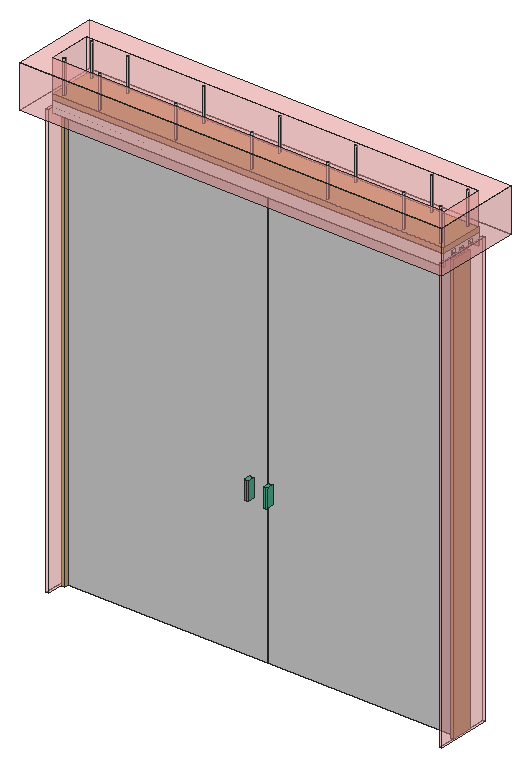
Revit family "Doors-Sliding_WON-DOOR_DuraSound_Manual_Fixed_New", category Doors, host Wall, Revit 2020 (continued)
Definition of nested family "First Part Door"
  Automatic sketch dimensions
    curve 1 to Extrusion 1 sketch curve = 0' - 2 3/4"
    plane 4 to Extrusion 4 sketch curve = 0' - 0 3/4"
    plane 1 "Center (Front/Back)" to Extrusion 4 sketch curve = 0' - 1 9/16"
    Extrusion 4 sketch curve to plane 1 "Center (Front/Back)" = 0' - 1 9/16"
    Extrusion 3 sketch curve to curve 1 = 0' - 5 7/8"
    Extrusion 3 sketch curve to curve 1 = 0' - 1 9/16"
    curve 1 to Extrusion 3 sketch curve = 0' - 1 9/16"
    curve 1 to Extrusion 3 sketch curve = 0' - 5 7/8"
    Extrusion 3 sketch curve to curve 1 = 0' - 0 3/4"
    Extrusion 5 sketch curve to plane 3 "Center (Left/Right)" = 0' - 3"  (x2)
    plane 1 "Center (Front/Back)" to Extrusion 5 sketch curve = 0' - 5 7/8"
    plane 1 "Center (Front/Back)" to Extrusion 5 sketch curve = 0' - 1 9/16"
    Extrusion 5 sketch curve to plane 1 "Center (Front/Back)" = 0' - 1"
    Extrusion 5 sketch curve to plane 1 "Center (Front/Back)" = 0' - 1 9/16"
    Extrusion 5 sketch curve to Extrusion 5 sketch curve = 0' - 4 5/16"
    plane 1 "Center (Front/Back)" to Extrusion 5 sketch curve = 0' - 1"
    plane 1 "Center (Front/Back)" to Extrusion 4 sketch curve = 0' - 1"
    Extrusion 4 sketch curve to Extrusion 4 sketch curve = 0' - 0 1/8"  (x2)
    Extrusion 4 sketch curve to Extrusion 4 sketch curve = 0' - 4 5/16"
    Extrusion 4 sketch curve to plane 1 "Center (Front/Back)" = 0' - 0 7/8"  (x2)
    plane 1 "Center (Front/Back)" to Extrusion 4 sketch curve = 0' - 0 7/8"
    Extrusion 4 sketch curve to Extrusion 4 sketch curve = 0' - 5"
    plane 1 "Center (Front/Back)" to Extrusion 6 sketch curve = 0' - 3"
    plane 1 "Center (Front/Back)" to Extrusion 7 sketch curve = 0' - 2 7/8"
    Extrusion 2 sketch curve to curve 1 = 0' - 0"
    Extrusion 2 sketch curve to curve 1 = 0' - 7 1/2"
    curve 1 to Extrusion 2 sketch curve = 0' - 7 1/2"
    Extrusion 2 sketch curve to Extrusion 2 sketch curve = 0' - 0 5/8"
Definition of nested family "Second Part Door"
  Parameters (values of type "Second Part")
    Wall Construction [instance] = yes
    Trim Height [instance] = Height - 0' 1 3/8"  # 4' - 10 5/8"
    Stack Depth [instance] = 1' - 6"
    Single Door [instance] = yes
    Open [instance] = yes
    Height [instance] = 5' - 0"
    Double Door [instance] = yes
    Door Geometry [instance] = if(and(Open, Double Door), 1 = 1, 1 = 2)  # yes
    Door Finish [instance] = none
    Default Elevation = 4' - 0"
    Closed [instance] = not(Open)  # no
    Clear Opening Width [instance] = 3' - 0"
    Backing Profile [instance] = yes
    Backing Double [instance] = if(and(Single Door, Backing Profile), 1 = 1, 1 = 2)  # yes
  Reference planes (in)
    plane 1 "Center (Front/Back)": y = 0
    plane 2: z = 0
    plane 3 "Center (Left/Right)": x = 0
    plane 4: x = -18
    plane 5: x = 18
    plane 6: z = 60
    plane 7: z = 78.80246
    plane 8: z = 58.625
    plane 9: z = 39.5
    plane 10: z = 44.5
  Forms (in)
    Extrusion 1, solid
      sketch origin (-18, 17, 0) x (0, -1, 0) y (1, 0, 0)
        loop
          line (14.25, 0) -> (19.75, 0) -> (19.75, 0.75) -> (14.25, 0.75) -> (14.25, 0)
      from 0 to 58.625
    Extrusion 2, solid, visible <- "Wall Construction"
      sketch origin (-18, 17, 0) x (0, -1, 0) y (1, 0, 0)
        loop
          line (9.5, 0) -> (9.5, -0.625) -> (24.5, -0.625) -> (24.5, 0) -> (9.5, 0)
      from 0 to 60
    Extrusion 3, solid, visible <- "Backing Double"
      sketch origin (-18, 17, 0) x (0, -1, 0) y (1, 0, 0)
        loop
          line (15.125, -0.625) -> (13.5, -0.625) -> (13.5, -0.75) -> (15, -0.75) -> (15, -4.125) -> (13.5, -4.125) -> (13.5, -4.25) -> (15.125, -4.25) -> (15.125, -0.625)
        loop
          line (18.875, -0.625) -> (18.875, -4.25) -> (20.5, -4.25) -> (20.5, -4.125) -> (19, -4.125) -> (19, -0.75) -> (20.5, -0.75) -> (20.5, -0.625) -> (18.875, -0.625)
      from 0 to 60
    Extrusion 4, solid, material <- "Door Finish", visible <- "Door Geometry", detail levels coarse
      sketch origin (-18, 17, 0) x (0, -1, 0) y (1, 0, 0)
        loop
          line (15.4375, 1.875) -> (15.4375, 0.75) -> (18.5625, 0.75) -> (18.5625, 1.875) -> (22.875, 1.875) -> (22.875, 18) -> (11.125, 18) -> (11.125, 1.875) -> (15.4375, 1.875)
      from 0 to 60
    Extrusion 5, solid, visible <- "Single Door"
      sketch origin (-18, 17, 0) x (0, -1, 0) y (1, 0, 0)
        loop
          line (16.125, 0.75) -> (17.875, 0.75) -> (17.875, 2.5) -> (16.125, 2.5) -> (16.125, 0.75)
      from 0 to 60
    Extrusion 6, solid, material <- "Door Finish", visible <- "Door Geometry", detail levels medium+fine
      sketch origin (0, 0, 0) x (1, 0, 0) y (0, 1, 0)
        loop
          line (-16.125, 5.875) -> (-16.125, 1.5625) -> (-17.25, 1.5625) -> (-17.25, -1.5625) -> (-16.125, -1.5625) -> (-16.125, -5.875) -> (-3, -5.875) -> (-3, -0.875) -> (0, -0.875) -> (0, 0.875) -> (-3, 0.875) -> (-3, 5.875) -> (-16.125, 5.875)
      from 0 to 60
    Extrusion 7, solid, visible <- "Door Geometry", detail levels medium
      sketch origin (0, 0, 0) x (1, 0, 0) y (0, 1, 0)
        loop
          line (-2.125, 0.875) -> (-1.125, 0.875) -> (-1.125, 2.875) -> (-2.125, 2.875) -> (-2.125, 0.875)
        loop
          line (-2.125, -0.875) -> (-2.125, -2.875) -> (-1.125, -2.875) -> (-1.125, -0.875) -> (-2.125, -0.875)
      from 39.5 to 44.5
    Extrusion 8, solid, visible <- "Door Geometry", detail levels fine
      sketch origin (0, 0, 0) x (1, 0, 0) y (0, 1, 0)
        loop
          line (-2.125, 0.875) -> (-1.125, 0.875) -> (-1.125, 2.675)
          arc (-1.125, 2.675) -> (-1.18358, 2.81642) -> (-1.325, 2.875) r 0.2
          line (-1.325, 2.875) -> (-1.925, 2.875)
          arc (-1.925, 2.875) -> (-2.06642, 2.81642) -> (-2.125, 2.675) r 0.2
          line (-2.125, 2.675) -> (-2.125, 0.875)
        loop
          line (-2.125, -0.875) -> (-2.125, -2.675)
          arc (-2.125, -2.675) -> (-2.06642, -2.81642) -> (-1.925, -2.875) r 0.2
          line (-1.925, -2.875) -> (-1.325, -2.875)
          arc (-1.325, -2.875) -> (-1.18358, -2.81642) -> (-1.125, -2.675) r 0.2
          line (-1.125, -2.675) -> (-1.125, -0.875) -> (-2.125, -0.875)
      from 39.5 to 44.5
  Lines and regions (in)
    reference lines
      curve 1: line (-18, 17, 0) -> (-18, 0, 0)
  Dimensions and locks (in)
    "Stack Depth": plane 4 to plane 3 "Center (Left/Right)"
    locked: curve 1 to curve 1 at 17
    "Clear Opening Width": plane 4 to plane 5
    "Height": plane 6 to level
    plane 7 to plane 6 = 1' - 6.80246"
    locked: plane 4 to Extrusion 4 sketch curve at 1.875  (x2)
    "Trim Height": plane 8 to plane 2
    locked: Extrusion 5 sketch curve to Extrusion 5 sketch curve at 1.75  (x2)
    plane 4 to Extrusion 6 sketch curve to Extrusion 6 sketch curve = 0' - 0 3/4" locked, 0' - 1 1/8" locked
    locked: Extrusion 6 sketch curve to Extrusion 6 sketch curve at 1.125
    locked: Extrusion 6 sketch curve to plane 3 "Center (Left/Right)" at 3  (x2)
    locked: Extrusion 7 sketch curve to Extrusion 7 sketch curve at 1  (x2)
    Extrusion 7 sketch curve to Extrusion 7 sketch curve to Extrusion 7 sketch curve to Extrusion 7 sketch curve = 0' - 2" locked, 0' - 1 3/4" locked, 0' - 2" locked
    locked: Extrusion 8 sketch curve to Extrusion 8 sketch curve at 1  (x2)
    Extrusion 8 sketch curve to Extrusion 8 sketch curve to Extrusion 8 sketch curve to Extrusion 8 sketch curve = 0' - 2" locked, 0' - 1 3/4" locked, 0' - 2" locked
    Extrusion 8 sketch curve to Extrusion 8 sketch curve to Extrusion 8 sketch curve = 0' - 0.2" locked, 0' - 0.6" locked  (x2)
    locked: Extrusion 8 sketch curve to Extrusion 8 sketch curve at 0.2  (x4)
    locked: Extrusion 8 sketch curve to plane 3 "Center (Left/Right)" at 1.125  (x2)
    locked: Extrusion 7 sketch curve to plane 3 "Center (Left/Right)" at 1.125  (x2)
    locked: plane 10 to plane 9 at 5
    locked: plane 2 to plane 9 at 39.5
    aligned and locked: plane 2 to level
    aligned and locked: curve 1 to plane 4
    aligned and locked: plane 1 "Center (Front/Back)" to curve 1
    aligned and locked: plane 6 to Extrusion 2
    aligned and locked: plane 6 to Extrusion 3
    aligned and locked: plane 8 to Extrusion 1
    aligned and locked: plane 6 to Extrusion 4
    aligned and locked: plane 3 "Center (Left/Right)" to Extrusion 4
    aligned and locked: Extrusion 5 to plane 2
    aligned and locked: plane 6 to Extrusion 5
    aligned and locked: Extrusion 6 sketch curve to plane 3 "Center (Left/Right)"
    aligned and locked: Extrusion 6 to level
    aligned and locked: plane 6 to Extrusion 6
    aligned and locked: plane 10 to Extrusion 8
    aligned and locked: Extrusion 8 to plane 9
    aligned and locked: plane 10 to Extrusion 7
    aligned and locked: Extrusion 7 to plane 9
  Automatic sketch dimensions
    Extrusion 1 sketch curve to curve 1 = 0' - 0"
    Extrusion 1 sketch curve to curve 1 = 0' - 2 3/4"
    Extrusion 1 sketch curve to curve 1 = 0' - 0 3/4"
    curve 1 to Extrusion 3 sketch curve = 0' - 0 5/8"  (x2)
    Extrusion 3 sketch curve to curve 1 = 0' - 3 1/2"
    Extrusion 3 sketch curve to Extrusion 3 sketch curve = 0' - 0"
    Extrusion 3 sketch curve to Extrusion 3 sketch curve = 0' - 1 1/2"  (x3)
    Extrusion 3 sketch curve to Extrusion 3 sketch curve = 0' - 0 1/8"  (x6)
    curve 1 to Extrusion 3 sketch curve = 0' - 1 7/8"
    Extrusion 3 sketch curve to curve 1 = 0' - 4 1/8"  (x2)
    curve 1 to Extrusion 1 sketch curve = 0' - 2 3/4"
    Extrusion 4 sketch curve to curve 1 = 0' - 0 3/4"
    Extrusion 4 sketch curve to curve 1 = 0' - 1 9/16"
    curve 1 to Extrusion 4 sketch curve = 0' - 5 7/8"
    Extrusion 4 sketch curve to Extrusion 4 sketch curve = 1' - 4 1/8"
    curve 1 to Extrusion 4 sketch curve = 0' - 1 9/16"
    Extrusion 4 sketch curve to curve 1 = 0' - 5 7/8"
    Extrusion 5 sketch curve to curve 1 = 0' - 0 7/8"
    Extrusion 5 sketch curve to curve 1 = 0' - 0 3/4"
    plane 1 "Center (Front/Back)" to Extrusion 6 sketch curve = 0' - 5 7/8"
    plane 1 "Center (Front/Back)" to Extrusion 6 sketch curve = 0' - 1 9/16"
    Extrusion 6 sketch curve to plane 1 "Center (Front/Back)" = 0' - 0 7/8"
    Extrusion 6 sketch curve to plane 1 "Center (Front/Back)" = 0' - 1 9/16"
    Extrusion 6 sketch curve to Extrusion 6 sketch curve = 0' - 4 5/16"
    plane 1 "Center (Front/Back)" to Extrusion 6 sketch curve = 0' - 0 7/8"
    Extrusion 7 sketch curve to plane 1 "Center (Front/Back)" = 0' - 0 7/8"
    Extrusion 8 sketch curve to plane 1 "Center (Front/Back)" = 0' - 0 7/8"
    Extrusion 2 sketch curve to curve 1 = 0' - 0"
    Extrusion 2 sketch curve to curve 1 = 0' - 7 1/2"
    curve 1 to Extrusion 2 sketch curve = 0' - 0 5/8"
    curve 1 to Extrusion 2 sketch curve = 0' - 7 1/2"
Definition of nested family "Rod_element"
  Parameters (values of type "Rod_element")
    Vis Rod = yes
    Rod Radius = 0' - 0 1/4"  # constant formula
    Rod Height = 0' - 7 1/256"
    Rod Center Position for Depth = 0' - 9 1/2"  # constant formula
    Rod Start = 0' - 0"  # constant formula
    Default Elevation = 4' - 0"
  Reference planes (in)
    plane 1 "Center (Front/Back)": y = 0
    plane 2: z = 0
    plane 3 "Center (Left/Right)": x = 0
    plane 4: y = 4.75
    plane 5: y = -4.75
    plane 6: x = 0
    plane 7: z = 7.00391
  Forms (in)
    Extrusion 1, solid, visible <- "Vis Rod", detail levels medium+fine
      sketch origin (59, 0, 0) x (1, 0, 0) y (0, 1, 0)
        loop
          circle (-59, 4.75) r 0.25
        loop
          circle (-59, -4.75) r 0.25
      from 0 <- "Rod Start" to 7.00391 <- "Rod Height"
    Extrusion 2, solid, visible <- "Vis Rod", detail levels coarse
      sketch origin (19, 0, 0) x (1, 0, 0) y (0, 1, 0)
        loop
          line (-19.25, 4.5) -> (-18.75, 4.5) -> (-18.75, 5) -> (-19.25, 5) -> (-19.25, 4.5)
        loop
          line (-19.25, -4.5) -> (-19.25, -5) -> (-18.75, -5) -> (-18.75, -4.5) -> (-19.25, -4.5)
      from 0 <- "Rod Start" to 7.00391 <- "Rod Height"
  Lines and regions (in)
    symbolic lines, visible <- "Vis Rod", detail levels coarse
      curve 1: line (-0.25, 5, 0) -> (-0.25, 4.5, 0)
      curve 2: line (0.25, 5, 0) -> (-0.25, 5, 0)
      curve 3: line (0.25, 4.5, 0) -> (0.25, 5, 0)
      curve 4: line (-0.25, 4.5, 0) -> (0.25, 4.5, 0)
      curve 5: line (0.25, -4.5, 0) -> (-0.25, -4.5, 0)
      curve 6: line (0.25, -5, 0) -> (0.25, -4.5, 0)
      curve 7: line (-0.25, -5, 0) -> (0.25, -5, 0)
      curve 8: line (-0.25, -4.5, 0) -> (-0.25, -5, 0)
    symbolic lines, visible <- "Vis Rod", detail levels medium+fine
      curve 9: arc (0.25, 4.75, 0) -> (0, 5, 0) -> (-0.25, 4.75, 0) r 0.25
      curve 10: arc (-0.25, 4.75, 0) -> (0, 4.5, 0) -> (0.25, 4.75, 0) r 0.25
      curve 11: arc (0.25, -4.75, 0) -> (0, -4.5, 0) -> (-0.25, -4.75, 0) r 0.25
      curve 12: arc (-0.25, -4.75, 0) -> (0, -5, 0) -> (0.25, -4.75, 0) r 0.25
  Dimensions and locks (in)
    equal spacing: plane 4, plane 1 "Center (Front/Back)", plane 5
    "Rod Center Position for Depth": plane 4 to plane 5
    "Rod Height": plane 7 to plane 2
    locked: Extrusion 2 sketch curve to Extrusion 2 sketch curve at 0.5  (x4)
    "Rod Radius": radius of Extrusion 1 sketch curve  (x2)
    aligned and locked: plane 2 to level
    aligned and locked: Extrusion 2 sketch curve to Extrusion 2 sketch curve
    aligned and locked: curve 1 to Extrusion 2
    aligned and locked: curve 2 to Extrusion 2
    aligned and locked: curve 3 to Extrusion 2
    aligned and locked: curve 4 to Extrusion 2
    aligned and locked: curve 5 to Extrusion 2
    aligned and locked: curve 6 to Extrusion 2
    aligned and locked: curve 7 to Extrusion 2
    aligned and locked: curve 8 to Extrusion 2
    aligned and locked: curve 9 to Extrusion 1
    aligned and locked: curve 10 to Extrusion 1
    aligned and locked: curve 11 to Extrusion 1
    aligned and locked: curve 12 to Extrusion 1
  Automatic sketch dimensions
    curve 9 to curve 10 = 0' - 0"  (x4)
    curve 11 to curve 12 = 0' - 0"  (x4)
    curve 1 to curve 5 = 0' - 9 1/2"
    curve 11 to curve 12 = 0' - 0 1/4"
    curve 1 to curve 9 = 0' - 0.35355"  (x2)
    curve 9 to curve 4 = 0' - 0.35355"
    curve 7 to curve 12 = 0' - 0.35355"
    curve 11 to curve 6 = 0' - 0 1/4"
    curve 5 to curve 4 = 0' - 9"
    curve 9 to curve 2 = 0' - 0 1/4"  (x2)
    curve 10 to curve 9 = 0' - 0"
    curve 11 to plane 5 = 0' - 0"
    curve 10 to plane 4 = 0' - 0"
    curve 10 to plane 3 "Center (Left/Right)" = 0' - 0"
    curve 11 to plane 3 "Center (Left/Right)" = 0' - 0"
    curve 7 to plane 3 "Center (Left/Right)" = 0' - 0 1/4"
    curve 4 to plane 3 "Center (Left/Right)" = 0' - 0 1/4"
    curve 6 to curve 11 = 0' - 0 1/4"
    plane 5 to curve 6 = 0' - 0 1/4"
    curve 3 to plane 4 = 0' - 0 1/4"
    Extrusion 2 sketch curve to plane 3 "Center (Left/Right)" = 0' - 0 1/4"
    Extrusion 2 sketch curve to plane 5 = 0' - 0 1/4"
    Extrusion 2 sketch curve to plane 4 = 0' - 0 1/4"
    Extrusion 1 sketch curve to plane 3 "Center (Left/Right)" = 0' - 0"  (x2)
    Extrusion 1 sketch curve to plane 5 = 0' - 0"
    Extrusion 1 sketch curve to plane 4 = 0' - 0"
Definition of nested family "Warning"
  Parameters (values of type "Warning")
    Default Elevation = 4' - 0"
  Reference planes (in)
    plane 1 "Center (Front/Back)": y = 0
    plane 2: z = 0
    plane 3 "Center (Left/Right)": x = 0
  Forms (in)
    Extrusion 1, solid
      sketch origin (0, 0, 0) x (1, 0, 0) y (0, 1, 0)
        loop
          line (-48, 48) -> (-48, -48) -> (48, -48) -> (48, 48) -> (-48, 48)
      from 0 to -12
    Extrusion 2, solid
      sketch origin (0, 0, 0) x (1, 0, 0) y (0, 1, 0)
        loop
          line (-13.71963, -13.77547) -> (13.71963, -13.77547)
          arc (13.71963, -13.77547) -> (15.35981, -12.82851) -> (15.35981, -10.93458) r 1.89393
          line (15.35981, -10.93458) -> (1.64019, 12.82851)
          arc (1.64019, 12.82851) -> (0, 13.77547) -> (-1.64019, 12.82851) r 1.89393
          line (-1.64019, 12.82851) -> (-15.35981, -10.93458)
          arc (-15.35981, -10.93458) -> (-15.35981, -12.82851) -> (-13.71963, -13.77547) r 1.89393
        loop
          line (12.62617, -11.25024) -> (1.09346, 8.725)
          arc (1.09346, 8.725) -> (0, 9.35631) -> (-1.09346, 8.725) r 1.26262
          line (-1.09346, 8.725) -> (-12.62617, -11.25024) -> (12.62617, -11.25024)
        loop
          circle (0, -8.14849) r 1.26262
        loop
          arc (-0.54266, 3.12354) -> (-1.51431, -0.94888) -> (0, -4.85216) r 7.03484
          arc (0, -4.85216) -> (1.51431, -0.94888) -> (0.54266, 3.12354) r 7.03484
          arc (0.54266, 3.12354) -> (0, 3.43224) -> (-0.54266, 3.12354) r 0.63131
      from 0 to 0.25
  Lines and regions (in)
    Masking region 1
      outline origin (0, 0, 0) x (1, 0, 0) y (0, 0, 1)
        loop
          line (-15.61355, 0.25) -> (-15.61355, 0) -> (15.61355, 0) -> (15.61355, 0.25) -> (-15.61355, 0.25)
  Dimensions and locks (in)
    aligned and locked: plane 2 to Extrusion 1
    aligned and locked: level to Extrusion 1
Definition of nested family "First Part"
  Parameters (values of type "First Part")
    Wall Construction [instance] = yes
    Stack Depth [instance] = 1' - 6"
    Open [instance] = no
    Closed [instance] = not(Open)  # yes
    Backing Profile [instance] = no
  Reference planes (in)
    plane 1 "Center (Front/Back)": y = 0
    plane 2: z = 0
    plane 3 "Center (Left/Right)": x = 0
    plane 4: x = -18
  Lines and regions (in)
    Masking region 1, in view "Ref. Level", visible <- "Wall Construction"
      outline origin (-18, 35, 0) x (0, -1, 0) y (1, 0, 0)
        loop
          line (23.00211, 0) -> (23.00211, -0.625) -> (46.99789, -0.625) -> (46.99789, 0) -> (23.00211, 0)
    Masking region 2, in view "Ref. Level"
      outline origin (0, 0, 0) x (1, 0, 0) y (0, 1, 0)
        loop
          line (-18, 2.75449) -> (-18, -2.75449) -> (-17.25266, -2.75449) -> (-17.25266, 2.75449) -> (-18, 2.75449)
    Masking region 3, in view "Ref. Level", visible <- "Open", detail levels fine
      outline origin (0, 0, 0) x (1, 0, 0) y (0, 1, 0)
        loop
          line (-16.75, 1.57856) -> (-17.25266, 1.57856) -> (-17.25266, -1.57856) -> (-16.75, -1.57856) -> (-16.75, -0.84517) -> (-16.0817, -0.84517) -> (-16.0817, -1.84738) -> (-15.97292, -2.43998) -> (-16.14509, -3.08254) -> (-16.14509, -3.40471) -> (-15.97418, -4.04256) -> (-16.05812, -4.63987) -> (-16.05812, -5.14843) -> (-16.05812, -5.83851) -> (-15.74312, -5.88278) -> (-3.72097, -5.88278) -> (-3.72097, -5.12761) -> (-3.72097, -4.63987) -> (-3.63703, -4.04256) -> (-3.80794, -3.40471) -> (-3.80794, -3.08254) -> (-3.64396, -2.47054) -> (-3.64396, -2.39538) -> (-3.74455, -1.84738) -> (-3.74455, -0.905) -> (-3.02794, -0.905) -> (-3.02794, -1.081) -> (-2.90294, -1.081) -> (-2.90294, -2.706)
          arc (-2.90294, -2.706) -> (-2.84788, -2.83894) -> (-2.71494, -2.894) r 0.188
          line (-2.71494, -2.894) -> (-2.09094, -2.894)
          arc (-2.09094, -2.894) -> (-1.95801, -2.83894) -> (-1.90294, -2.706) r 0.188
          line (-1.90294, -2.706) -> (-1.90294, -1.081) -> (-1.77794, -1.081) -> (-1.77794, -0.905) -> (-0.03929, -0.905) -> (0.33017, -1.24) -> (0.72734, -1.24) -> (0.72734, -1.29) -> (1.12234, -1.29) -> (1.12234, -1.075) -> (0.72734, -1.075) -> (0.72734, -1.14) -> (0.36875, -1.14) -> (0.05072, -0.85162)
          arc (0.05072, -0.85162) -> (0.03632, -0.79961) -> (0.06953, -0.75708) r 0.06
          line (0.06953, -0.75708) -> (0.23017, -0.69054) -> (0.23017, -0.46464)
          arc (0.23017, -0.46464) -> (-0.00983, 0) -> (0.23017, 0.46464) r 0.56978
          line (0.23017, 0.46464) -> (0.23017, 0.69054) -> (0.06953, 0.75708)
          arc (0.06953, 0.75708) -> (0.03632, 0.79961) -> (0.05072, 0.85162) r 0.06
          line (0.05072, 0.85162) -> (0.36875, 1.14) -> (0.72734, 1.14) -> (0.72734, 1.075) -> (1.12234, 1.075) -> (1.12234, 1.29) -> (0.72734, 1.29) -> (0.72734, 1.24) -> (0.33017, 1.24) -> (-0.03929, 0.905) -> (-1.77794, 0.905) -> (-1.77794, 1.081) -> (-1.90294, 1.081) -> (-1.90294, 2.706)
          arc (-1.90294, 2.706) -> (-1.95801, 2.83894) -> (-2.09094, 2.894) r 0.188
          line (-2.09094, 2.894) -> (-2.71494, 2.894)
          arc (-2.71494, 2.894) -> (-2.84788, 2.83894) -> (-2.90294, 2.706) r 0.188
          line (-2.90294, 2.706) -> (-2.90294, 1.081) -> (-3.02794, 1.081) -> (-3.02794, 0.905) -> (-3.74455, 0.905) -> (-3.74455, 1.84738) -> (-3.64396, 2.39538) -> (-3.64396, 2.47054) -> (-3.80794, 3.08254) -> (-3.80794, 3.40471) -> (-3.63703, 4.04256) -> (-3.72097, 4.63987) -> (-3.72097, 5.12761) -> (-3.72097, 5.86722) -> (-15.74312, 5.86722) -> (-16.05812, 5.82295) -> (-16.05812, 5.14843) -> (-16.05812, 4.63987) -> (-15.97418, 4.04256) -> (-16.14509, 3.40471) -> (-16.14509, 3.08254) -> (-15.97292, 2.43998) -> (-16.0817, 1.84738) -> (-16.0817, 0.84517) -> (-16.75, 0.84517) -> (-16.75, 1.57856)
    Masking region 4, in view "Ref. Level", visible <- "Open", detail levels fine
      outline origin (-18, 35, 0) x (0, -1, 0) y (1, 0, 0)
        loop
          line (33.42144, 0.75) -> (33.54644, 0.75) -> (33.54644, 0.78125) -> (33.45269, 0.78125) -> (33.45269, 1.21875) -> (34.89019, 1.21875) -> (34.89019, 0.78125) -> (34.79644, 0.78125) -> (34.79644, 0.75) -> (34.92144, 0.75) -> (34.92144, 1.25) -> (34.23295, 1.25) -> (34.23295, 1.94188) -> (34.19199, 2.2333) -> (33.15262, 2.2333) -> (32.60462, 2.33389) -> (32.52946, 2.33389) -> (31.91746, 2.16991) -> (31.59529, 2.16991) -> (30.95744, 2.34082) -> (30.36013, 2.25688) -> (29.91698, 2.25688) -> (29.13278, 2.25688) -> (29.17705, 1.94188) -> (29.85157, 1.94188) -> (30.36013, 1.94188) -> (30.95744, 2.02582) -> (31.59529, 1.85491) -> (31.91746, 1.85491) -> (32.52946, 2.01889) -> (32.60462, 2.01889) -> (33.15262, 1.9183) -> (34.15483, 1.9183) -> (34.15483, 1.25) -> (33.42144, 1.25) -> (33.42144, 0.75)
        loop
          line (36.57856, 0.75) -> (36.57856, 1.25) -> (35.84517, 1.25) -> (35.84517, 1.9183) -> (36.84738, 1.9183) -> (37.39538, 2.01889) -> (37.47054, 2.01889) -> (38.08254, 1.85491) -> (38.40471, 1.85491) -> (39.04256, 2.02582) -> (39.63987, 1.94188) -> (40.14843, 1.94188) -> (40.83851, 1.94188) -> (40.88278, 2.25688) -> (40.08302, 2.25688) -> (39.63987, 2.25688) -> (39.04256, 2.34082) -> (38.40471, 2.16991) -> (38.08254, 2.16991) -> (37.47054, 2.33389) -> (37.39538, 2.33389) -> (36.84738, 2.2333) -> (35.80801, 2.2333) -> (35.76705, 1.94188) -> (35.76705, 1.25) -> (35.07856, 1.25) -> (35.07856, 0.75) -> (35.20356, 0.75) -> (35.20356, 0.78125) -> (35.10981, 0.78125) -> (35.10981, 1.21875) -> (36.54731, 1.21875) -> (36.54731, 0.78125) -> (36.45356, 0.78125) -> (36.45356, 0.75) -> (36.57856, 0.75)
        loop
          line (34.23626, 2.5483) -> (34.19199, 2.8633) -> (33.15262, 2.8633) -> (32.60462, 2.96389) -> (32.52946, 2.96389) -> (31.91746, 2.79991) -> (31.59529, 2.79991) -> (30.95744, 2.97082) -> (30.36013, 2.88688) -> (29.90845, 2.88688) -> (29.13278, 2.88688) -> (29.17705, 2.57188) -> (29.85157, 2.57188) -> (30.36013, 2.57188) -> (30.95744, 2.65582) -> (31.59529, 2.48491) -> (31.91746, 2.48491) -> (32.52946, 2.64889) -> (32.60462, 2.64889) -> (33.15262, 2.5483) -> (34.23626, 2.5483)
        loop
          line (34.23626, 3.74471) -> (34.19199, 4.05971) -> (33.15262, 4.05971) -> (32.60462, 4.1603) -> (32.52946, 4.1603) -> (31.91746, 3.99632) -> (31.59529, 3.99632) -> (30.95744, 4.16723) -> (30.36013, 4.08328) -> (29.93603, 4.08328) -> (29.13278, 4.08328) -> (29.17705, 3.76828) -> (30.36013, 3.76828) -> (30.95744, 3.85223) -> (31.59529, 3.68132) -> (31.91746, 3.68132) -> (32.52946, 3.8453) -> (32.60462, 3.8453) -> (33.15262, 3.74471) -> (34.23626, 3.74471)
        loop
          line (29.17705, 4.39969) -> (30.36013, 4.39969) -> (30.95744, 4.48364) -> (31.59529, 4.31272) -> (31.91746, 4.31272) -> (32.52946, 4.47671) -> (32.60462, 4.47671) -> (33.15262, 4.37611) -> (34.23626, 4.37611) -> (34.19199, 4.69111) -> (33.15262, 4.69111) -> (32.60462, 4.79171) -> (32.52946, 4.79171) -> (31.91746, 4.62772) -> (31.59529, 4.62772) -> (30.95744, 4.79864) -> (30.36013, 4.71469) -> (29.87434, 4.71469) -> (29.13278, 4.71469) -> (29.17705, 4.39969)
        loop
          line (29.17705, 4.96469) -> (30.36013, 4.96469) -> (30.95744, 5.04864) -> (31.59529, 4.87772) -> (31.91746, 4.87772) -> (32.52946, 5.04171) -> (32.60462, 5.04171) -> (33.15262, 4.94111) -> (34.23626, 4.94111) -> (34.19199, 5.25611) -> (33.15262, 5.25611) -> (32.60462, 5.35671) -> (32.52946, 5.35671) -> (31.91746, 5.19272) -> (31.59529, 5.19272) -> (30.95744, 5.36364) -> (30.36013, 5.27969) -> (29.87239, 5.27969) -> (29.13278, 5.27969) -> (29.17705, 4.96469)
        loop
          line (35.76374, 2.5483) -> (36.84738, 2.5483) -> (37.39538, 2.64889) -> (37.47054, 2.64889) -> (38.08254, 2.48491) -> (38.40471, 2.48491) -> (39.04256, 2.65582) -> (39.63987, 2.57188) -> (40.14843, 2.57188) -> (40.83851, 2.57188) -> (40.88278, 2.88688) -> (40.09155, 2.88688) -> (39.63987, 2.88688) -> (39.04256, 2.97082) -> (38.40471, 2.79991) -> (38.08254, 2.79991) -> (37.47054, 2.96389) -> (37.39538, 2.96389) -> (36.84738, 2.8633) -> (35.80801, 2.8633) -> (35.76374, 2.5483)
        loop
          line (35.76374, 3.74471) -> (36.84738, 3.74471) -> (37.39538, 3.8453) -> (37.47054, 3.8453) -> (38.08254, 3.68132) -> (38.40471, 3.68132) -> (39.04256, 3.85223) -> (39.63987, 3.76828) -> (40.83851, 3.76828) -> (40.88278, 4.08328) -> (40.06397, 4.08328) -> (39.63987, 4.08328) -> (39.04256, 4.16723) -> (38.40471, 3.99632) -> (38.08254, 3.99632) -> (37.47054, 4.1603) -> (37.39538, 4.1603) -> (36.84738, 4.05971) -> (35.80801, 4.05971) -> (35.76374, 3.74471)
        loop
          line (40.83851, 4.39969) -> (40.88278, 4.71469) -> (40.12566, 4.71469) -> (39.63987, 4.71469) -> (39.04256, 4.79864) -> (38.40471, 4.62772) -> (38.08254, 4.62772) -> (37.47054, 4.79171) -> (37.39538, 4.79171) -> (36.84738, 4.69111) -> (35.80801, 4.69111) -> (35.76374, 4.37611) -> (36.84738, 4.37611) -> (37.39538, 4.47671) -> (37.47054, 4.47671) -> (38.08254, 4.31272) -> (38.40471, 4.31272) -> (39.04256, 4.48364) -> (39.63987, 4.39969) -> (40.83851, 4.39969)
        loop
          line (40.83851, 4.96469) -> (40.88278, 5.27969) -> (40.12761, 5.27969) -> (39.63987, 5.27969) -> (39.04256, 5.36364) -> (38.40471, 5.19272) -> (38.08254, 5.19272) -> (37.47054, 5.35671) -> (37.39538, 5.35671) -> (36.84738, 5.25611) -> (35.80801, 5.25611) -> (35.76374, 4.94111) -> (36.84738, 4.94111) -> (37.39538, 5.04171) -> (37.47054, 5.04171) -> (38.08254, 4.87772) -> (38.40471, 4.87772) -> (39.04256, 5.04864) -> (39.63987, 4.96469) -> (40.83851, 4.96469)
        loop
          line (34.23626, 3.17971) -> (34.19199, 3.49471) -> (33.15262, 3.49471) -> (32.60462, 3.5953) -> (32.52946, 3.5953) -> (31.91746, 3.43132) -> (31.59529, 3.43132) -> (30.95744, 3.60223) -> (30.36013, 3.51828) -> (29.90845, 3.51828) -> (29.13278, 3.51828) -> (29.17705, 3.20328) -> (29.85157, 3.20328) -> (30.36013, 3.20328) -> (30.95744, 3.28723) -> (31.59529, 3.11632) -> (31.91746, 3.11632) -> (32.52946, 3.2803) -> (32.60462, 3.2803) -> (33.15262, 3.17971) -> (34.23626, 3.17971)
        loop
          line (35.76374, 3.17971) -> (36.84738, 3.17971) -> (37.39538, 3.2803) -> (37.47054, 3.2803) -> (38.08254, 3.11632) -> (38.40471, 3.11632) -> (39.04256, 3.28723) -> (39.63987, 3.20328) -> (40.14843, 3.20328) -> (40.83851, 3.20328) -> (40.88278, 3.51828) -> (40.09155, 3.51828) -> (39.63987, 3.51828) -> (39.04256, 3.60223) -> (38.40471, 3.43132) -> (38.08254, 3.43132) -> (37.47054, 3.5953) -> (37.39538, 3.5953) -> (36.84738, 3.49471) -> (35.80801, 3.49471) -> (35.76374, 3.17971)
    Masking region 5, in view "Ref. Level", visible <- "Open", detail levels fine
      outline origin (0, 35, 0) x (0, -1, 0) y (1, 0, 0)
        loop
          line (35.74, -0.26799) -> (35.74, -3.74455) -> (35.74, -4.05955) -> (36.84738, -4.05955) -> (37.39538, -3.95896) -> (37.47054, -3.95896) -> (38.08254, -4.12294) -> (38.40471, -4.12294) -> (39.04256, -3.95203) -> (39.63987, -4.03597) -> (40.83851, -4.03597) -> (40.88278, -3.72097) -> (40.12761, -3.72097) -> (39.63987, -3.72097) -> (39.04256, -3.63703) -> (38.40471, -3.80794) -> (38.08254, -3.80794) -> (37.47054, -3.64396) -> (37.39538, -3.64396) -> (36.84738, -3.74455) -> (35.905, -3.74455) -> (35.905, -3.02794) -> (36.081, -3.02794) -> (36.081, -2.90294) -> (37.706, -2.90294)
          arc (37.706, -2.90294) -> (37.83894, -2.84788) -> (37.894, -2.71494) r 0.188
          line (37.894, -2.71494) -> (37.894, -2.09094)
          arc (37.894, -2.09094) -> (37.83894, -1.95801) -> (37.706, -1.90294) r 0.188
          line (37.706, -1.90294) -> (36.081, -1.90294) -> (36.081, -1.77794) -> (35.905, -1.77794) -> (35.905, -0.03929) -> (36.24, 0.33017) -> (36.24, 0.72734) -> (36.29, 0.72734) -> (36.29, 1.12234) -> (36.075, 1.12234) -> (36.075, 0.72734) -> (36.14, 0.72734) -> (36.14, 0.36875) -> (35.85162, 0.05072)
          arc (35.85162, 0.05072) -> (35.79961, 0.03632) -> (35.75708, 0.06953) r 0.06
          line (35.75708, 0.06953) -> (35.69054, 0.23017) -> (35.46464, 0.23017)
          arc (35.46464, 0.23017) -> (35, -0.00983) -> (34.53536, 0.23017) r 0.56978
          line (34.53536, 0.23017) -> (34.30946, 0.23017) -> (34.24292, 0.06953)
          arc (34.24292, 0.06953) -> (34.20039, 0.03632) -> (34.14838, 0.05072) r 0.06
          line (34.14838, 0.05072) -> (33.86, 0.36875) -> (33.86, 0.72734) -> (33.925, 0.72734) -> (33.925, 1.12234) -> (33.71, 1.12234) -> (33.71, 0.72734) -> (33.76, 0.72734) -> (33.76, 0.33017) -> (34.095, -0.03929) -> (34.095, -1.77794) -> (33.919, -1.77794) -> (33.919, -1.90294) -> (32.294, -1.90294)
          arc (32.294, -1.90294) -> (32.16106, -1.95801) -> (32.106, -2.09094) r 0.188
          line (32.106, -2.09094) -> (32.106, -2.71494)
          arc (32.106, -2.71494) -> (32.16106, -2.84788) -> (32.294, -2.90294) r 0.188
          line (32.294, -2.90294) -> (33.919, -2.90294) -> (33.919, -3.02794) -> (34.095, -3.02794) -> (34.095, -3.74455) -> (33.15262, -3.74455) -> (32.60462, -3.64396) -> (32.52946, -3.64396) -> (31.91746, -3.80794) -> (31.59529, -3.80794) -> (30.95744, -3.63703) -> (30.36013, -3.72097) -> (29.87239, -3.72097) -> (29.13278, -3.72097) -> (29.17705, -4.03597) -> (30.36013, -4.03597) -> (30.95744, -3.95203) -> (31.59529, -4.12294) -> (31.91746, -4.12294) -> (32.52946, -3.95896) -> (32.60462, -3.95896) -> (33.15262, -4.05955) -> (34.26, -4.05955) -> (34.26, -3.74455) -> (34.26, -0.26799) -> (35.74, -0.26799)
        loop
          line (34.23626, -7.08236) -> (34.19199, -6.76736) -> (33.15262, -6.76736) -> (32.60462, -6.66677) -> (32.52946, -6.66677) -> (31.91746, -6.83076) -> (31.59529, -6.83076) -> (30.95744, -6.65984) -> (30.36013, -6.74379) -> (29.91698, -6.74379) -> (29.13278, -6.74379) -> (29.17705, -7.05879) -> (29.85157, -7.05879) -> (30.36013, -7.05879) -> (30.95744, -6.97484) -> (31.59529, -7.14576) -> (31.91746, -7.14576) -> (32.52946, -6.98177) -> (32.60462, -6.98177) -> (33.15262, -7.08236) -> (34.23626, -7.08236)
        loop
          line (34.23626, -6.45236) -> (34.19199, -6.13736) -> (33.15262, -6.13736) -> (32.60462, -6.03677) -> (32.52946, -6.03677) -> (31.91746, -6.20076) -> (31.59529, -6.20076) -> (30.95744, -6.02984) -> (30.36013, -6.11379) -> (29.90845, -6.11379) -> (29.13278, -6.11379) -> (29.17705, -6.42879) -> (29.85157, -6.42879) -> (30.36013, -6.42879) -> (30.95744, -6.34484) -> (31.59529, -6.51576) -> (31.91746, -6.51576) -> (32.52946, -6.35177) -> (32.60462, -6.35177) -> (33.15262, -6.45236) -> (34.23626, -6.45236)
        loop
          line (34.23626, -5.25596) -> (34.19199, -4.94096) -> (33.15262, -4.94096) -> (32.60462, -4.84036) -> (32.52946, -4.84036) -> (31.91746, -5.00435) -> (31.59529, -5.00435) -> (30.95744, -4.83344) -> (30.36013, -4.91738) -> (29.93603, -4.91738) -> (29.13278, -4.91738) -> (29.17705, -5.23238) -> (30.36013, -5.23238) -> (30.95744, -5.14844) -> (31.59529, -5.31935) -> (31.91746, -5.31935) -> (32.52946, -5.15536) -> (32.60462, -5.15536) -> (33.15262, -5.25596) -> (34.23626, -5.25596)
        loop
          line (29.17705, -4.60097) -> (30.36013, -4.60097) -> (30.95744, -4.51703) -> (31.59529, -4.68794) -> (31.91746, -4.68794) -> (32.52946, -4.52396) -> (32.60462, -4.52396) -> (33.15262, -4.62455) -> (34.23626, -4.62455) -> (34.19199, -4.30955) -> (33.15262, -4.30955) -> (32.60462, -4.20896) -> (32.52946, -4.20896) -> (31.91746, -4.37294) -> (31.59529, -4.37294) -> (30.95744, -4.20203) -> (30.36013, -4.28597) -> (29.87434, -4.28597) -> (29.13278, -4.28597) -> (29.17705, -4.60097)
        loop
          line (35.76374, -7.08236) -> (36.84738, -7.08236) -> (37.39538, -6.98177) -> (37.47054, -6.98177) -> (38.08254, -7.14576) -> (38.40471, -7.14576) -> (39.04256, -6.97484) -> (39.63987, -7.05879) -> (40.14843, -7.05879) -> (40.83851, -7.05879) -> (40.88278, -6.74379) -> (40.08302, -6.74379) -> (39.63987, -6.74379) -> (39.04256, -6.65984) -> (38.40471, -6.83076) -> (38.08254, -6.83076) -> (37.47054, -6.66677) -> (37.39538, -6.66677) -> (36.84738, -6.76736) -> (35.80801, -6.76736) -> (35.76374, -7.08236)
        loop
          line (35.76374, -6.45236) -> (36.84738, -6.45236) -> (37.39538, -6.35177) -> (37.47054, -6.35177) -> (38.08254, -6.51576) -> (38.40471, -6.51576) -> (39.04256, -6.34484) -> (39.63987, -6.42879) -> (40.14843, -6.42879) -> (40.83851, -6.42879) -> (40.88278, -6.11379) -> (40.09155, -6.11379) -> (39.63987, -6.11379) -> (39.04256, -6.02984) -> (38.40471, -6.20076) -> (38.08254, -6.20076) -> (37.47054, -6.03677) -> (37.39538, -6.03677) -> (36.84738, -6.13736) -> (35.80801, -6.13736) -> (35.76374, -6.45236)
        loop
          line (35.76374, -5.25596) -> (36.84738, -5.25596) -> (37.39538, -5.15536) -> (37.47054, -5.15536) -> (38.08254, -5.31935) -> (38.40471, -5.31935) -> (39.04256, -5.14844) -> (39.63987, -5.23238) -> (40.83851, -5.23238) -> (40.88278, -4.91738) -> (40.06397, -4.91738) -> (39.63987, -4.91738) -> (39.04256, -4.83344) -> (38.40471, -5.00435) -> (38.08254, -5.00435) -> (37.47054, -4.84036) -> (37.39538, -4.84036) -> (36.84738, -4.94096) -> (35.80801, -4.94096) -> (35.76374, -5.25596)
        loop
          line (40.83851, -4.60097) -> (40.88278, -4.28597) -> (40.12566, -4.28597) -> (39.63987, -4.28597) -> (39.04256, -4.20203) -> (38.40471, -4.37294) -> (38.08254, -4.37294) -> (37.47054, -4.20896) -> (37.39538, -4.20896) -> (36.84738, -4.30955) -> (35.80801, -4.30955) -> (35.76374, -4.62455) -> (36.84738, -4.62455) -> (37.39538, -4.52396) -> (37.47054, -4.52396) -> (38.08254, -4.68794) -> (38.40471, -4.68794) -> (39.04256, -4.51703) -> (39.63987, -4.60097) -> (40.83851, -4.60097)
        loop
          line (34.23626, -5.82096) -> (34.19199, -5.50596) -> (33.15262, -5.50596) -> (32.60462, -5.40536) -> (32.52946, -5.40536) -> (31.91746, -5.56935) -> (31.59529, -5.56935) -> (30.95744, -5.39844) -> (30.36013, -5.48238) -> (29.90845, -5.48238) -> (29.13278, -5.48238) -> (29.17705, -5.79738) -> (29.85157, -5.79738) -> (30.36013, -5.79738) -> (30.95744, -5.71344) -> (31.59529, -5.88435) -> (31.91746, -5.88435) -> (32.52946, -5.72036) -> (32.60462, -5.72036) -> (33.15262, -5.82096) -> (34.23626, -5.82096)
        loop
          line (35.76374, -5.82096) -> (36.84738, -5.82096) -> (37.39538, -5.72036) -> (37.47054, -5.72036) -> (38.08254, -5.88435) -> (38.40471, -5.88435) -> (39.04256, -5.71344) -> (39.63987, -5.79738) -> (40.14843, -5.79738) -> (40.83851, -5.79738) -> (40.88278, -5.48238) -> (40.09155, -5.48238) -> (39.63987, -5.48238) -> (39.04256, -5.39844) -> (38.40471, -5.56935) -> (38.08254, -5.56935) -> (37.47054, -5.40536) -> (37.39538, -5.40536) -> (36.84738, -5.50596) -> (35.80801, -5.50596) -> (35.76374, -5.82096)
    Masking region 6, in view "Ref. Level", visible <- "Open", detail levels medium
      outline origin (0, 0, 0) x (1, 0, 0) y (0, 1, 0)
        loop
          line (-17.25, 1.57856) -> (-17.25, -1.57856) -> (-16.75, -1.57856) -> (-16.75, -0.84517) -> (-16.0817, -0.84517) -> (-16.0817, -5.88278) -> (-3.74455, -5.88278) -> (-3.74455, -0.905) -> (-2.90294, -0.905) -> (-2.90294, -2.894) -> (-1.90294, -2.894) -> (-1.90294, -0.905) -> (-0.03929, -0.905) -> (0.38531, -1.29) -> (1.12234, -1.29) -> (1.12234, -1.075) -> (0.29707, -1.075) -> (0.03807, -0.84016) -> (0.03807, -0.69054) -> (0.23017, -0.69054) -> (0.23017, 0.69054) -> (0.03807, 0.69054) -> (0.03807, 0.84016) -> (0.29707, 1.075) -> (1.12234, 1.075) -> (1.12234, 1.29) -> (0.38531, 1.29) -> (-0.03929, 0.905) -> (-1.90294, 0.905) -> (-1.90294, 2.894) -> (-2.90294, 2.894) -> (-2.90294, 0.905) -> (-3.74455, 0.905) -> (-3.74455, 5.86722) -> (-16.0817, 5.86722) -> (-16.0817, 0.84517) -> (-16.75, 0.84517) -> (-16.75, 1.57856) -> (-17.25, 1.57856)
    Masking region 7, in view "Ref. Level", visible <- "Open", detail levels medium
      outline origin (-18, 35, 0) x (0, -1, 0) y (1, 0, 0)
        loop
          line (33.42144, 0.75) -> (33.45269, 0.75) -> (33.45269, 1.21875) -> (34.89019, 1.21875) -> (34.89019, 0.75) -> (34.92144, 0.75) -> (34.92144, 1.25) -> (34.23295, 1.25) -> (34.23295, 2.2333) -> (29.13278, 2.2333) -> (29.13278, 1.9183) -> (34.15483, 1.9183) -> (34.15483, 1.25) -> (33.42144, 1.25) -> (33.42144, 0.75)
        loop
          line (36.54731, 1.21875) -> (36.54731, 0.75) -> (36.57856, 0.75) -> (36.57856, 1.25) -> (35.84517, 1.25) -> (35.84517, 1.9183) -> (40.88278, 1.9183) -> (40.88278, 2.2333) -> (35.76705, 2.2333) -> (35.76705, 1.25) -> (35.07856, 1.25) -> (35.07856, 0.75) -> (35.10981, 0.75) -> (35.10981, 1.21875) -> (36.54731, 1.21875)
        loop
          line (34.23626, 2.5483) -> (34.23626, 2.8633) -> (29.13278, 2.8633) -> (29.13278, 2.5483) -> (34.23626, 2.5483)
        loop
          line (34.23626, 3.74471) -> (34.23626, 4.05971) -> (29.13278, 4.05971) -> (29.13278, 3.74471) -> (34.23626, 3.74471)
        loop
          line (34.23626, 4.37611) -> (34.23626, 4.69111) -> (29.13278, 4.69111) -> (29.13278, 4.37611) -> (34.23626, 4.37611)
        loop
          line (34.23626, 4.94111) -> (34.23626, 5.25611) -> (29.13278, 5.25611) -> (29.13278, 4.94111) -> (34.23626, 4.94111)
        loop
          line (34.23626, 3.17971) -> (34.23626, 3.49471) -> (29.13278, 3.49471) -> (29.13278, 3.17971) -> (34.23626, 3.17971)
        loop
          line (35.76374, 2.5483) -> (40.88278, 2.5483) -> (40.88278, 2.8633) -> (35.76374, 2.8633) -> (35.76374, 2.5483)
        loop
          line (35.76374, 3.74471) -> (40.88278, 3.74471) -> (40.88278, 4.05971) -> (35.76374, 4.05971) -> (35.76374, 3.74471)
        loop
          line (35.76374, 4.37611) -> (40.88278, 4.37611) -> (40.88278, 4.69111) -> (35.76374, 4.69111) -> (35.76374, 4.37611)
        loop
          line (35.76374, 4.94111) -> (40.88278, 4.94111) -> (40.88278, 5.25611) -> (35.76374, 5.25611) -> (35.76374, 4.94111)
        loop
          line (35.76374, 3.17971) -> (40.88278, 3.17971) -> (40.88278, 3.49471) -> (35.76374, 3.49471) -> (35.76374, 3.17971)
    Masking region 8, in view "Ref. Level", visible <- "Open", detail levels medium
      outline origin (0, 35, 0) x (0, -1, 0) y (1, 0, 0)
        loop
          line (35.74, -0.26799) -> (35.74, -3.74455) -> (35.74, -4.05955) -> (40.88278, -4.05955) -> (40.88278, -3.74455) -> (35.905, -3.74455) -> (35.905, -2.90294) -> (37.894, -2.90294) -> (37.894, -1.90294) -> (35.905, -1.90294) -> (35.905, -0.03929) -> (36.29, 0.38531) -> (36.29, 1.12234) -> (36.075, 1.12234) -> (36.075, 0.29707) -> (35.84016, 0.03807) -> (35.69054, 0.03807) -> (35.69054, 0.23017) -> (34.30946, 0.23017) -> (34.30946, 0.03807) -> (34.15984, 0.03807) -> (33.925, 0.29707) -> (33.925, 1.12234) -> (33.71, 1.12234) -> (33.71, 0.38531) -> (34.095, -0.03929) -> (34.095, -1.90294) -> (32.106, -1.90294) -> (32.106, -2.90294) -> (34.095, -2.90294) -> (34.095, -3.74455) -> (29.13278, -3.74455) -> (29.13278, -4.05955) -> (34.26, -4.05955) -> (34.26, -3.74455) -> (34.26, -0.26799) -> (35.74, -0.26799)
        loop
          line (34.23626, -6.99379) -> (34.23626, -6.67879) -> (29.13278, -6.67879) -> (29.13278, -6.99379) -> (34.23626, -6.99379)
        loop
          line (34.23626, -5.79738) -> (34.23626, -5.48238) -> (29.13278, -5.48238) -> (29.13278, -5.79738) -> (34.23626, -5.79738)
        loop
          line (34.23626, -5.16597) -> (34.23626, -4.85097) -> (29.13278, -4.85097) -> (29.13278, -5.16597) -> (34.23626, -5.16597)
        loop
          line (34.23626, -4.60097) -> (34.23626, -4.28597) -> (29.13278, -4.28597) -> (29.13278, -4.60097) -> (34.23626, -4.60097)
        loop
          line (34.23626, -6.36238) -> (34.23626, -6.04738) -> (29.13278, -6.04738) -> (29.13278, -6.36238) -> (34.23626, -6.36238)
        loop
          line (35.76374, -6.99379) -> (40.88278, -6.99379) -> (40.88278, -6.67879) -> (35.76374, -6.67879) -> (35.76374, -6.99379)
        loop
          line (35.76374, -5.79738) -> (40.88278, -5.79738) -> (40.88278, -5.48238) -> (35.76374, -5.48238) -> (35.76374, -5.79738)
        loop
          line (35.76374, -5.16597) -> (40.88278, -5.16597) -> (40.88278, -4.85097) -> (35.76374, -4.85097) -> (35.76374, -5.16597)
        loop
          line (35.76374, -4.60097) -> (40.88278, -4.60097) -> (40.88278, -4.28597) -> (35.76374, -4.28597) -> (35.76374, -4.60097)
        loop
          line (35.76374, -6.36238) -> (40.88278, -6.36238) -> (40.88278, -6.04738) -> (35.76374, -6.04738) -> (35.76374, -6.36238)
    Masking region 9, in view "Ref. Level", visible <- "Open", detail levels coarse
      outline origin (0, 0, 0) x (1, 0, 0) y (0, 1, 0)
        loop
          line (-16.0817, 5.86722) -> (-16.0817, 0.84517) -> (-16.75, 0.84517) -> (-16.75, 1.57856) -> (-17.25, 1.57856) -> (-17.25, -1.57856) -> (-16.75, -1.57856) -> (-16.75, -0.84517) -> (-16.0817, -0.84517) -> (-16.0817, -5.88278) -> (-3.74455, -5.88278) -> (-3.74455, -2.894) -> (-1.90294, -2.894) -> (-1.90294, -1.29) -> (1.12234, -1.29) -> (1.12234, -1.075) -> (0.23017, -1.075) -> (0.23017, 1.075) -> (1.12234, 1.075) -> (1.12234, 1.29) -> (-1.90294, 1.29) -> (-1.90294, 2.894) -> (-3.74455, 2.894) -> (-3.74455, 5.86722) -> (-16.0817, 5.86722)
    reference lines, in view "Ref. Level"
      curve 1: line (-18, 35, 0) -> (-18, 0, 0)
      curve 8: line (0, 35, 0) -> (0, -25.00766, 0)
    detail lines, in view "Ref. Level", visible <- "Backing Profile"
      curve 2: line (-18.625, 1.8731, 0) -> (-18.625, 3.4981, 0)
      curve 3: line (-18.625, -3.4981, 0) -> (-18.625, -1.8731, 0)
    detail lines, in view "Ref. Level", visible <- "Wall Construction"
      curve 4: line (-18, -11.99789, 0) -> (-18, 11.99789, 0)
      curve 5: line (-18.625, 11.99789, 0) -> (-18.625, -11.99789, 0)
      curve 6: line (-18.625, -11.99789, 0) -> (-18, -11.99789, 0)
      curve 7: line (-18, 11.99789, 0) -> (-18.625, 11.99789, 0)
    detail lines, in view "Ref. Level", visible <- "Open", detail levels coarse
      curve 9: line (-12.72031, 5.86722, 0) -> (-12.72031, -5.88278, 0)
      curve 10: line (-6.99379, 5.86722, 0) -> (-6.99379, -5.88278, 0)
  Dimensions and locks (in)
    "Stack Depth": plane 4 to plane 3 "Center (Left/Right)"
    locked: curve 1 to curve 1 at 35
    locked: plane 3 "Center (Left/Right)" to Masking region 3 sketch curve at 1.12234
    locked: plane 4 to Masking region 3 sketch curve at 0.74734
    locked: curve 8 to curve 8 at 60.00766
    locked: curve 8 to plane 1 "Center (Front/Back)" at 25.00766
    plane 4 to Masking region 6 sketch curve = 0' - 0 3/4"
    locked: plane 3 "Center (Left/Right)" to Masking region 6 sketch curve at 1.12234  (x2)
    locked: plane 4 to Masking region 9 sketch curve at 0.75
    locked: plane 3 "Center (Left/Right)" to Masking region 9 sketch curve at 1.12234  (x2)
    locked: Masking region 9 sketch curve to Masking region 9 sketch curve at 0.5  (x2)
    locked: Masking region 9 sketch curve to Masking region 9 sketch curve at 0.6683  (x2)
    aligned and locked: curve 1 to plane 4
    aligned and locked: plane 1 "Center (Front/Back)" to curve 1
    aligned and locked: curve 4 to Masking region 1
    aligned and locked: curve 5 to Masking region 1
    aligned and locked: curve 6 to Masking region 1
    aligned and locked: curve 7 to Masking region 1
    aligned and locked: Masking region 3 sketch curve to Masking region 4  (x22)
    aligned and locked: Masking region 4 to Masking region 3 sketch curve
    aligned and locked: curve 8 to plane 3 "Center (Left/Right)"
    aligned and locked: Masking region 3 sketch curve to Masking region 5  (x59)
    aligned and locked: Masking region 6 sketch curve to Masking region 6 sketch curve
    aligned and locked: Masking region 6 sketch curve to Masking region 8  (x25)
    aligned and locked: Masking region 9 sketch curve to Masking region 8  (x9)
    aligned and locked: Masking region 8 to Masking region 9 sketch curve  (x2)
  Automatic sketch dimensions
    Masking region 1 sketch curve to curve 1 = 0' - 0"
    Masking region 1 sketch curve to curve 1 = 0' - 11.99789"
    curve 1 to Masking region 1 sketch curve = 0' - 0 5/8"
    curve 1 to Masking region 1 sketch curve = 0' - 11.99789"
    Masking region 2 sketch curve to plane 4 = 0' - 0"
    Masking region 2 sketch curve to Masking region 2 sketch curve = 0' - 0.74734"
    plane 1 "Center (Front/Back)" to Masking region 2 sketch curve = 0' - 2.75449"
    Masking region 2 sketch curve to plane 1 "Center (Front/Back)" = 0' - 2.75449"
    Masking region 3 sketch curve to Masking region 3 sketch curve = 0' - 0.50856"  (x2)
    Masking region 3 sketch curve to Masking region 3 sketch curve = 0' - 0.73339"
    Masking region 3 sketch curve to Masking region 3 sketch curve = 0' - 0.04427"  (x2)
    Masking region 4 sketch curve to curve 1 = 0' - 5.86722"
    Masking region 4 sketch curve to Masking region 4 sketch curve = 0' - 0"  (x115)
    Masking region 4 sketch curve to curve 1 = 0' - 2.88688"  (x2)
    Masking region 4 sketch curve to curve 1 = 0' - 2.25688"  (x2)
    Masking region 4 sketch curve to Masking region 4 sketch curve = 0' - 0.04427"  (x22)
    Masking region 4 sketch curve to curve 1 = 0' - 1.94188"  (x2)
    Masking region 4 sketch curve to curve 1 = 0' - 2.57188"  (x2)
    Masking region 4 sketch curve to Masking region 4 sketch curve = 0' - 0.67452"  (x2)
    Masking region 4 sketch curve to Masking region 4 sketch curve = 0' - 0.73961"
    Masking region 4 sketch curve to Masking region 4 sketch curve = 0' - 0.00196"
    Masking region 4 sketch curve to Masking region 4 sketch curve = 0' - 0.05689"  (x4)
    Masking region 4 sketch curve to Masking region 4 sketch curve = 0' - 0.06541"  (x2)
    Masking region 4 sketch curve to Masking region 4 sketch curve = 0' - 0.02757"
    Masking region 4 sketch curve to Masking region 4 sketch curve = 0' - 0.48775"  (x2)
    Masking region 4 sketch curve to Masking region 4 sketch curve = 0' - 0.50856"  (x2)
    Masking region 4 sketch curve to Masking region 4 sketch curve = 0' - 0.45168"  (x3)
    Masking region 4 sketch curve to Masking region 4 sketch curve = 0' - 0.42411"  (x2)
    Masking region 4 sketch curve to Masking region 4 sketch curve = 0' - 0.5973"  (x9)
    Masking region 4 sketch curve to Masking region 4 sketch curve = 0' - 0.63786"  (x5)
    Masking region 4 sketch curve to Masking region 4 sketch curve = 0' - 0.32217"  (x8)
    Masking region 4 sketch curve to Masking region 4 sketch curve = 0' - 0.612"  (x7)
    Masking region 4 sketch curve to Masking region 4 sketch curve = 0' - 0.07516"  (x24)
    Masking region 4 sketch curve to Masking region 4 sketch curve = 0' - 0.548"  (x8)
    Masking region 4 sketch curve to Masking region 4 sketch curve = 0' - 0.26882"
    Masking region 4 sketch curve to Masking region 4 sketch curve = 0' - 0 1/32"  (x12)
    Masking region 4 sketch curve to Masking region 4 sketch curve = 0' - 0 3/32"  (x4)
    Masking region 4 sketch curve to Masking region 4 sketch curve = 0' - 0.70214"
    Masking region 4 sketch curve to curve 1 = 0' - 0.80801"  (x2)
    Masking region 4 sketch curve to Masking region 4 sketch curve = 0' - 0.03716"
    Masking region 4 sketch curve to Masking region 4 sketch curve = 0' - 0 5/64"  (x2)
    Masking region 4 sketch curve to curve 1 = 0' - 0.20356"
    curve 1 to Masking region 4 sketch curve = 0' - 0.07856"
    curve 1 to Masking region 4 sketch curve = 0' - 0.76374"  (x2)
    Masking region 4 sketch curve to Masking region 4 sketch curve = 0' - 0.65725"
    Masking region 4 sketch curve to Masking region 4 sketch curve = 0' - 0.04096"
    Masking region 4 sketch curve to Masking region 4 sketch curve = 0' - 0.60839"
    Masking region 4 sketch curve to Masking region 4 sketch curve = 0' - 1.08364"  (x2)
    Masking region 4 sketch curve to Masking region 4 sketch curve = 0' - 0.44315"
    Masking region 4 sketch curve to Masking region 4 sketch curve = 0' - 0.48579"
    Masking region 4 sketch curve to Masking region 4 sketch curve = 0' - 0.69007"  (x2)
    Masking region 4 sketch curve to Masking region 4 sketch curve = 0' - 0.71285"
    curve 1 to Masking region 4 sketch curve = 0' - 0 3/4"  (x2)
    Masking region 4 sketch curve to curve 1 = 0' - 0 3/4"  (x2)
    curve 1 to Masking region 4 sketch curve = 0' - 1 7/32"
    Masking region 4 sketch curve to Masking region 4 sketch curve = 0' - 0.08697"  (x2)
    Masking region 4 sketch curve to Masking region 4 sketch curve = 0' - 0.6683"  (x2)
    Masking region 4 sketch curve to Masking region 4 sketch curve = 0' - 0.02358"  (x2)
    Masking region 4 sketch curve to Masking region 4 sketch curve = 0' - 0.10059"  (x3)
    Masking region 4 sketch curve to Masking region 4 sketch curve = 0' - 0.08395"  (x2)
    Masking region 4 sketch curve to Masking region 4 sketch curve = 0' - 0.315"  (x61)
    Masking region 4 sketch curve to Masking region 4 sketch curve = 0' - 0.29142"
    Masking region 4 sketch curve to Masking region 4 sketch curve = 0' - 0 81/256"  (x20)
    Masking region 4 sketch curve to Masking region 4 sketch curve = 0' - 0 1/4"  (x20)
    Masking region 4 sketch curve to Masking region 4 sketch curve = 0' - 0.565"
    Masking region 4 sketch curve to Masking region 4 sketch curve = 0' - 0 7/16"
    curve 8 to Masking region 5 sketch curve = 0' - 3.72097"  (x2)
    curve 8 to Masking region 5 sketch curve = 2' - 5.13278"
    curve 8 to Masking region 5 sketch curve = 0' - 4.28597"
    Masking region 5 sketch curve to Masking region 5 sketch curve = 0' - 0"  (x120)
    curve 8 to Masking region 5 sketch curve = 0' - 6.74379"  (x2)
    curve 8 to Masking region 5 sketch curve = 0' - 5.48238"  (x2)
    curve 8 to Masking region 5 sketch curve = 0' - 7.05879"
    Masking region 5 sketch curve to Masking region 5 sketch curve = 0' - 0.04427"  (x21)
    curve 8 to Masking region 5 sketch curve = 0' - 5.23238"
    curve 8 to Masking region 5 sketch curve = 0' - 4.60097"  (x2)
    curve 8 to Masking region 5 sketch curve = 0' - 5.79738"
    curve 8 to Masking region 5 sketch curve = 0' - 4.03597"
    Masking region 5 sketch curve to Masking region 5 sketch curve = 0' - 0.67452"  (x2)
    Masking region 5 sketch curve to Masking region 5 sketch curve = 0' - 0.73961"
    Masking region 5 sketch curve to Masking region 5 sketch curve = 0' - 0.00196"
    Masking region 5 sketch curve to Masking region 5 sketch curve = 0' - 0.05689"  (x4)
    Masking region 5 sketch curve to Masking region 5 sketch curve = 0' - 0.06541"  (x2)
    Masking region 5 sketch curve to Masking region 5 sketch curve = 0' - 0.02757"
    Masking region 5 sketch curve to Masking region 5 sketch curve = 0' - 0.45168"  (x4)
    Masking region 5 sketch curve to Masking region 5 sketch curve = 0' - 0.50856"
    Masking region 5 sketch curve to Masking region 5 sketch curve = 0' - 0.48579"  (x2)
    curve 8 to Masking region 5 sketch curve = 0' - 6.11379"  (x2)
    curve 8 to Masking region 5 sketch curve = 0' - 6.65984"  (x2)
    Masking region 5 sketch curve to Masking region 5 sketch curve = 0' - 0.5973"  (x8)
    curve 8 to Masking region 5 sketch curve = 0' - 6.02984"  (x2)
    curve 8 to Masking region 5 sketch curve = 0' - 5.71344"  (x2)
    curve 8 to Masking region 5 sketch curve = 0' - 3.63703"  (x2)
    curve 8 to Masking region 5 sketch curve = 0' - 4.83344"  (x2)
    curve 8 to Masking region 5 sketch curve = 0' - 4.20203"  (x2)
    curve 8 to Masking region 5 sketch curve = 0' - 6.97484"  (x2)
    curve 8 to Masking region 5 sketch curve = 0' - 6.34484"  (x2)
    curve 8 to Masking region 5 sketch curve = 0' - 5 51/128"  (x2)
    curve 8 to Masking region 5 sketch curve = 0' - 4.51703"  (x2)
    curve 8 to Masking region 5 sketch curve = 0' - 5 19/128"  (x2)
    curve 8 to Masking region 5 sketch curve = 0' - 3.95203"  (x2)
    Masking region 5 sketch curve to Masking region 5 sketch curve = 0' - 0.63786"  (x6)
    curve 8 to Masking region 5 sketch curve = 0' - 4.12294"  (x2)
    curve 8 to Masking region 5 sketch curve = 0' - 7.14576"  (x2)
    curve 8 to Masking region 5 sketch curve = 0' - 5.31935"
    curve 8 to Masking region 5 sketch curve = 0' - 5.56935"  (x2)
    curve 8 to Masking region 5 sketch curve = 0' - 6.83076"  (x2)
    curve 8 to Masking region 5 sketch curve = 0' - 4.37294"  (x2)
    curve 8 to Masking region 5 sketch curve = 0' - 5.00435"
    Masking region 5 sketch curve to Masking region 5 sketch curve = 0' - 0.32217"  (x8)
    curve 8 to Masking region 5 sketch curve = 0' - 6.51576"  (x2)
    curve 8 to Masking region 5 sketch curve = 0' - 3.80794"  (x2)
    curve 8 to Masking region 5 sketch curve = 0' - 4.68794"
    curve 8 to Masking region 5 sketch curve = 0' - 6.20076"  (x2)
    curve 8 to Masking region 5 sketch curve = 0' - 5.88435"  (x2)
    Masking region 5 sketch curve to Masking region 5 sketch curve = 0' - 0.18854"
    Masking region 5 sketch curve to Masking region 5 sketch curve = 0' - 0.188"  (x3)
    curve 8 to Masking region 5 sketch curve = 0' - 3.95896"
    Masking region 5 sketch curve to Masking region 5 sketch curve = 0' - 0.612"  (x6)
    curve 8 to Masking region 5 sketch curve = 0' - 5.40536"  (x2)
    curve 8 to Masking region 5 sketch curve = 0' - 5.72036"
    curve 8 to Masking region 5 sketch curve = 0' - 6.03677"
    Masking region 5 sketch curve to Masking region 5 sketch curve = 0' - 0.07516"  (x24)
    curve 8 to Masking region 5 sketch curve = 0' - 6.98177"  (x2)
    curve 8 to Masking region 5 sketch curve = 0' - 4.84036"
    curve 8 to Masking region 5 sketch curve = 0' - 3.64396"
    curve 8 to Masking region 5 sketch curve = 0' - 5.15536"  (x2)
    curve 8 to Masking region 5 sketch curve = 0' - 6.66677"  (x2)
    curve 8 to Masking region 5 sketch curve = 0' - 5.25596"  (x2)
    Masking region 5 sketch curve to Masking region 5 sketch curve = 0' - 0.548"  (x8)
    curve 8 to Masking region 5 sketch curve = 0' - 3.74455"
    curve 8 to Masking region 5 sketch curve = 0' - 4.05955"
    curve 8 to Masking region 5 sketch curve = 0' - 6.13736"  (x2)
    curve 8 to Masking region 5 sketch curve = 0' - 5.50596"  (x2)
    curve 8 to Masking region 5 sketch curve = 0' - 6.45236"  (x2)
    curve 8 to Masking region 5 sketch curve = 0' - 5.82096"  (x2)
    curve 8 to Masking region 5 sketch curve = 0' - 4.30955"  (x2)
    curve 8 to Masking region 5 sketch curve = 0' - 6.76736"
    curve 8 to Masking region 5 sketch curve = 0' - 7.08236"  (x2)
    curve 8 to Masking region 5 sketch curve = 0' - 4.62455"  (x2)
    Masking region 5 sketch curve to curve 8 = 0' - 0.72734"
    Masking region 5 sketch curve to Masking region 5 sketch curve = 0' - 1.416"
    Masking region 5 sketch curve to Masking region 5 sketch curve = 0' - 0.05"
    Masking region 5 sketch curve to Masking region 5 sketch curve = 0' - 0.1"  (x2)
    Masking region 5 sketch curve to Masking region 5 sketch curve = 0' - 1 5/8"  (x2)
    Masking region 5 sketch curve to Masking region 5 sketch curve = 0' - 0.76638"
    Masking region 5 sketch curve to Masking region 5 sketch curve = 0' - 0.065"  (x2)
    curve 8 to Masking region 5 sketch curve = 0' - 0.03929"  (x2)
    Masking region 5 sketch curve to Masking region 5 sketch curve = 0' - 0.235"
    Masking region 5 sketch curve to Masking region 5 sketch curve = 0' - 0.176"  (x3)
    Masking region 5 sketch curve to curve 8 = 0' - 0.05072"  (x2)
    Masking region 5 sketch curve to Masking region 5 sketch curve = 0' - 0.05338"  (x2)
